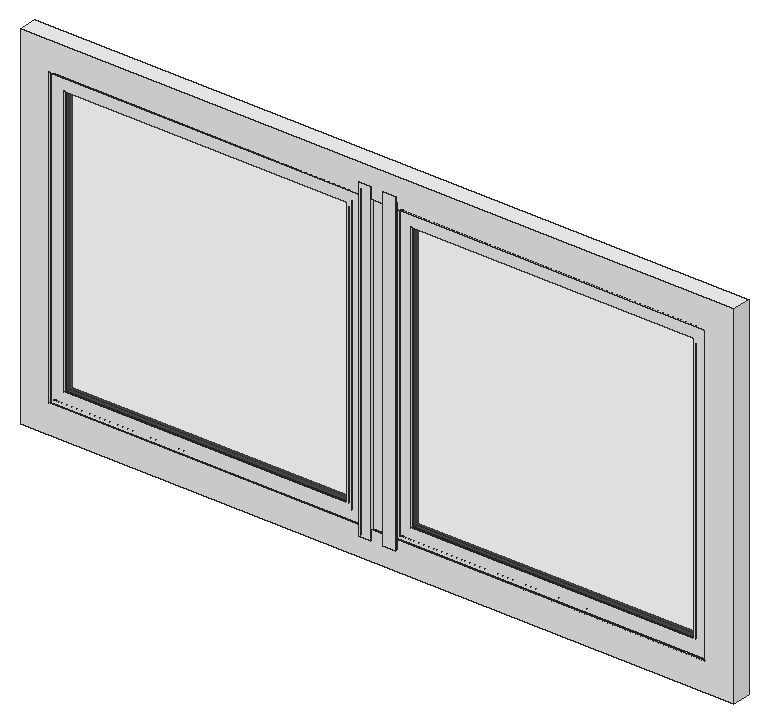
Revit family
Parameters (values of type "TH-PTT1206")
  Height = 590 mm
  Head Height = 2125 mm
  Default Sill Height = Head Height - Height  # 1535 mm
  Wall Closure = (empty or 0)
  Width = 1190 mm
Reference planes
  plane 1 "Center (Front/Back)": y = 0
  plane 2 "Center (Left/Right)": x = 0
  plane 3 "Left": x = -595
  plane 4 "Right": x = 595
  plane 5 "Sill": z = 1535
  plane 6 "Head": z = 2125
  plane 7 "Exterior": y = 100
  plane 8 "Interior": y = -100
  plane 9: y = -30.5
  plane 10: x = 0
Forms (mm)
  Sweep 1, solid, material "Default Frame"
    path origin (0, 100, 0) x (1, 0, 0) y (0, 0, 1)
      loop
        line (595, 2125) -> (-595, 2125) -> (-595, 1535) -> (595, 1535) -> (595, 2125)
    profile origin (0, 100, 2125) x (0, 0, -1) y (0, -1, 0)
      loop
        line (0, 115.25) -> (0, 84.75) -> (30.58, 84.75) -> (30.58, 87.464) -> (28.08, 86.021) -> (28.08, 113.85) -> (39.575, 113.85) -> (39.575, 111.85) -> (46.275, 111.85)
        arc (46.275, 111.85) -> (46.875, 111.25) -> (47.475, 111.85) r 0.6
        line (47.475, 111.85) -> (47.475, 115.25) -> (0, 115.25)
  Extrusion 2, solid, material "Glass"
    sketch origin (0, 0.5, 55.88) x (1, 0, 0) y (0, 0, 1)
      loop
        line (-39.24, 2013.24) -> (-539.12, 2013.24) -> (-539.12, 1534.96) -> (-39.24, 1534.96) -> (-39.24, 2013.24)
    from 0 to 3
  Sweep 3, solid, material "Default Frame"
    path origin (-50, -100, -50) x (1, 0, 0) y (0, 0, -1)
      loop
        line (16.64, -2125) -> (16.64, -1634.96) -> (-495, -1634.96) -> (-495, -2125) -> (16.64, -2125)
    profile origin (-289.18, -100, 2075) x (0, 0, 1) y (0, 1, 0)
      loop
        line (-2.36, 95.735) -> (-1.858, 90.997)
        arc (-1.858, 90.997) -> (-1.541, 90.736) -> (-1.26, 91.035) r 0.3
        line (-1.26, 91.035) -> (-1.26, 117.263) -> (-3.26, 116.536) -> (-3.26, 118.735) -> (-4.719, 118.735) -> (-17.687, 105.637) -> (-17.687, 104.637) -> (-5.88, 104.637) -> (-5.88, 105.637) -> (-2.36, 105.637) -> (-2.36, 95.735)
  Sweep 4, solid, material "Default Frame"
    path origin (-50, -100, -50) x (1, 0, 0) y (0, 0, -1)
      loop
        line (16.6, -2125) -> (16.6, -1635) -> (-495, -1635) -> (-495, -2125) -> (16.6, -2125)
    profile origin (-289.2, -100, 2075) x (0, 0, 1) y (0, 1, 0)
      loop
        line (10.425, 88.75) -> (10.425, 91.464) -> (7.92, 90.018) -> (7.92, 117.85) -> (19.42, 117.85) -> (19.42, 115.85) -> (26.12, 115.85)
        arc (26.12, 115.85) -> (26.72, 115.25) -> (27.32, 115.85) r 0.6
        line (27.32, 115.85) -> (27.32, 119.25) -> (-3.26, 119.25) -> (-3.26, 116.536) -> (-0.76, 117.979) -> (-0.76, 90.15) -> (-12.255, 90.15) -> (-12.255, 92.15) -> (-18.955, 92.15)
        arc (-18.955, 92.15) -> (-19.555, 92.75) -> (-20.155, 92.15) r 0.6
        line (-20.155, 92.15) -> (-20.155, 88.75) -> (10.425, 88.75)
  Sweep 5, solid, material "Rubber seal"
    path origin (-50, -100, -50) x (1, 0, 0) y (0, 0, -1)
      loop
        line (16.64, -2125) -> (16.64, -1634.96) -> (-495, -1634.96) -> (-495, -2125) -> (16.64, -2125)
    profile origin (-289.18, -100, 2075) x (0, 0, 1) y (0, 1, 0)
      loop
        line (-18.698, 104.637) -> (-22.835, 100.5) -> (-12.329, 100.5) -> (-12.329, 104.637) -> (-18.698, 104.637)
      loop
        line (-22.835, 97.5) -> (-19.555, 92.75) -> (-12.329, 92.75) -> (-12.329, 97.5) -> (-22.835, 97.5)
  Sweep 6, solid, material "Default Frame"
    path origin (-2150, 100, 1819.513) x (0, 0, -1) y (1, 0, 0)
      loop
        line (253.933, 2175) -> (-274.907, 2175)
    profile origin (25, 100, 1830) x (-1, 0, 0) y (0, -1, 0)
      loop
        line (-5.9, 115.25) -> (-5.9, 111.85)
        arc (-5.9, 111.85) -> (-5.3, 111.25) -> (-4.7, 111.85) r 0.6
        line (-4.7, 111.85) -> (2, 111.85) -> (2, 113.85) -> (13.5, 113.85) -> (13.5, 86.026) -> (11, 87.47) -> (11, 84.75) -> (39, 84.75) -> (39, 87.47) -> (36.5, 86.026) -> (36.5, 113.85) -> (48, 113.85) -> (48, 111.85) -> (54.7, 111.85)
        arc (54.7, 111.85) -> (55.3, 111.25) -> (55.9, 111.85) r 0.6
        line (55.9, 111.85) -> (55.9, 115.25) -> (34.5, 115.25) -> (34.5, 111.07) -> (15.5, 111.07) -> (15.5, 115.25) -> (-5.9, 115.25)
  Extrusion 7, solid, material "Glass"
    sketch origin (0, 0.5, 49.432) x (-1, 0, 0) y (0, 0, -1)
      loop
        line (-39.24, -2019.688) -> (-39.24, -1541.408) -> (-539.12, -1541.408) -> (-539.12, -2019.688) -> (-39.24, -2019.688)
    from 0 to 3
  Sweep 8, solid, material "Default Frame"
    path origin (50, -100, -50) x (-1, 0, 0) y (0, 0, 1)
      loop
        line (16.64, 2125) -> (-495, 2125) -> (-495, 1634.96) -> (16.64, 1634.96) -> (16.64, 2125)
    profile origin (289.18, -100, 2075) x (0, 0, -1) y (0, 1, 0)
      loop
        line (2.36, 95.735) -> (2.36, 105.637) -> (5.88, 105.637) -> (5.88, 104.637) -> (17.687, 104.637) -> (17.687, 105.637) -> (4.719, 118.735) -> (3.26, 118.735) -> (3.26, 116.536) -> (1.26, 117.263) -> (1.26, 91.035)
        arc (1.26, 91.035) -> (1.541, 90.736) -> (1.858, 90.997) r 0.3
        line (1.858, 90.997) -> (2.36, 95.735)
  Sweep 9, solid, material "Default Frame"
    path origin (50, -100, -50) x (-1, 0, 0) y (0, 0, 1)
      loop
        line (16.6, 2125) -> (-495, 2125) -> (-495, 1635) -> (16.6, 1635) -> (16.6, 2125)
    profile origin (289.2, -100, 2075) x (0, 0, -1) y (0, 1, 0)
      loop
        line (-10.425, 88.75) -> (20.155, 88.75) -> (20.155, 92.15)
        arc (20.155, 92.15) -> (19.555, 92.75) -> (18.955, 92.15) r 0.6
        line (18.955, 92.15) -> (12.255, 92.15) -> (12.255, 90.15) -> (0.76, 90.15) -> (0.76, 117.979) -> (3.26, 116.536) -> (3.26, 119.25) -> (-27.32, 119.25) -> (-27.32, 115.85)
        arc (-27.32, 115.85) -> (-26.72, 115.25) -> (-26.12, 115.85) r 0.6
        line (-26.12, 115.85) -> (-19.42, 115.85) -> (-19.42, 117.85) -> (-7.92, 117.85) -> (-7.92, 90.018) -> (-10.425, 91.464) -> (-10.425, 88.75)
  Sweep 10, solid, material "Rubber seal"
    path origin (50, -100, -50) x (-1, 0, 0) y (0, 0, 1)
      loop
        line (16.64, 2125) -> (-495, 2125) -> (-495, 1634.96) -> (16.64, 1634.96) -> (16.64, 2125)
    profile origin (289.18, -100, 2075) x (0, 0, -1) y (0, 1, 0)
      loop
        line (18.698, 104.637) -> (12.329, 104.637) -> (12.329, 100.5) -> (22.835, 100.5) -> (18.698, 104.637)
      loop
        line (22.835, 97.5) -> (12.329, 97.5) -> (12.329, 92.75) -> (19.555, 92.75) -> (22.835, 97.5)
Lines and regions (mm)
  Opening 1
    outline origin (3500, -100, 0) x (1, 0, 0) y (0, 0, 1)
      loop
        line (-2905, 1535) -> (-2905, 2125) -> (-4095, 2125) -> (-4095, 1535) -> (-2905, 1535)
  symbolic lines, style "Elevation Swing"
    curve 1: line (-6.08, 19.25, 2102.32) -> (-290.31, 19.25, 1559.815)
    curve 2: line (-290.31, 19.25, 1559.815) -> (-572.355, 19.25, 2102.355)
    curve 3: line (7.297, 19.25, 2101.103) -> (286.98, 19.25, 1557.68)
    curve 4: line (286.98, 19.25, 1557.68) -> (572.337, 19.25, 2102.337)
Text (mm)
  text "EXTERIOR" at (-1963.203, 1332.353, 0), in view "Ref. Level"
  text "INTERIOR" at (-1981.466, -818.386, 0), in view "Ref. Level"
  text "Exterior" at (0, 923.751, 2943.296), in view "Right"
  text "Exterior" at (0, 1040.484, 2685.409), in view "Left"
Dimensions and locks
  equal spacing: plane 3 "Left", plane 2 "Center (Left/Right)", plane 4 "Right"
  "Width": plane 3 "Left" to plane 4 "Right"
  "Height": plane 5 "Sill" to plane 6 "Head"
  "Default Sill Height": plane 5 "Sill" to level
  locked: plane 7 "Exterior" to host wall at 0
  locked: plane 8 "Interior" to host wall
  equal spacing: plane 3 "Left", plane 10, plane 4 "Right"
  Sweep 4 sketch curve to Sweep 6 = 19.4 mm
  Sweep 6 to Sweep 9 sketch curve = 19.4 mm
  Sweep 8 sketch curve to Sweep 9 = 3.3 mm
  Sweep 9 to Sweep 8 sketch curve = 3.3 mm
  Sweep 10 sketch curve to Sweep 9 = 3.3 mm
  Sweep 9 to Sweep 10 sketch curve = 3.3 mm
  Sweep 3 sketch curve to Sweep 4 = 3.3 mm
  Sweep 4 to Sweep 3 sketch curve = 3.3 mm
  Sweep 5 sketch curve to Sweep 4 = 3.3 mm
  Sweep 4 to Sweep 5 sketch curve = 3.3 mm
  aligned and locked: curve 4 to Sweep 9
Automatic sketch dimensions
  Opening 1 sketch curve to plane 3 "Left" = 0 mm
  Opening 1 sketch curve to plane 4 "Right" = 0 mm
  Opening 1 sketch curve to plane 5 "Sill" = 0 mm
  Opening 1 sketch curve to plane 6 "Head" = 0 mm
  Sweep 1 sketch curve to plane 3 "Left" = 0 mm
  Sweep 1 sketch curve to plane 4 "Right" = 0 mm
  Sweep 1 sketch curve to plane 5 "Sill" = 0 mm
  Sweep 1 sketch curve to plane 6 "Head" = 0 mm
  Sweep 1 sketch curve to profile plane = 0 mm
  Sweep 1 sketch curve to profile plane = 28.08 mm
  Sweep 1 sketch curve to Sweep 1 sketch curve = 2.5 mm
  Sweep 1 sketch curve to Sweep 1 sketch curve = 11.495 mm
  Sweep 1 sketch curve to Sweep 1 sketch curve = 6.7 mm
  Sweep 1 sketch curve to Sweep 1 sketch curve = 0.6 mm
  profile plane to Sweep 1 sketch curve = 84.75 mm
  Sweep 1 sketch curve to Sweep 1 sketch curve = 1.271 mm
  Sweep 1 sketch curve to Sweep 1 sketch curve = 2.714 mm
  Sweep 1 sketch curve to Sweep 1 sketch curve = 24.386 mm
  Sweep 1 sketch curve to Sweep 1 sketch curve = 2 mm
  Sweep 1 sketch curve to Sweep 1 sketch curve = 3.4 mm
  Extrusion 2 sketch curve to plane 3 "Left" = 55.88 mm
  plane 2 "Center (Left/Right)" to Extrusion 2 sketch curve = 39.24 mm
  Extrusion 2 sketch curve to plane 5 "Sill" = 55.84 mm
  plane 6 "Head" to Extrusion 2 sketch curve = 55.88 mm
  Sweep 3 sketch curve to plane 3 "Left" = 50 mm
  plane 6 "Head" to Sweep 3 sketch curve = 50 mm
  Sweep 4 sketch curve to plane 3 "Left" = 50 mm
  plane 6 "Head" to Sweep 4 sketch curve = 50 mm
  Sweep 4 sketch curve to plane 5 "Sill" = 50 mm
  profile plane to Sweep 4 sketch curve = 20.155 mm
  Sweep 4 sketch curve to Sweep 4 sketch curve = 0.6 mm  (x2)
  Sweep 4 sketch curve to Sweep 4 sketch curve = 6.7 mm  (x2)
  profile plane to Sweep 4 sketch curve = 3.26 mm
  profile plane to Sweep 4 sketch curve = 0.76 mm
  Sweep 4 sketch curve to Sweep 4 sketch curve = 11.5 mm
  profile plane to Sweep 4 sketch curve = 88.75 mm
  Sweep 4 sketch curve to Sweep 4 sketch curve = 1.268 mm
  Sweep 4 sketch curve to Sweep 4 sketch curve = 3.4 mm  (x2)
  Sweep 4 sketch curve to Sweep 4 sketch curve = 26.386 mm
  Sweep 4 sketch curve to Sweep 4 sketch curve = 1.314 mm
  Sweep 4 sketch curve to Sweep 4 sketch curve = 1.443 mm
  Sweep 5 sketch curve to plane 3 "Left" = 50 mm
  plane 6 "Head" to Sweep 5 sketch curve = 50 mm
  Sweep 6 sketch curve to plane 2 "Center (Left/Right)" = 25 mm
  plane 6 "Head" to Sweep 6 sketch curve = 30.58 mm
  Sweep 6 sketch curve to plane 5 "Sill" = 30.58 mm
  plane 4 "Right" to Extrusion 7 sketch curve = 55.88 mm
  Extrusion 7 sketch curve to plane 2 "Center (Left/Right)" = 39.24 mm
  plane 6 "Head" to Extrusion 7 sketch curve = 55.88 mm
  Extrusion 7 sketch curve to plane 5 "Sill" = 55.84 mm
  plane 4 "Right" to Sweep 8 sketch curve = 50 mm
  plane 6 "Head" to Sweep 8 sketch curve = 50 mm
  Sweep 8 sketch curve to profile plane = 1.26 mm
  Sweep 8 sketch curve to Sweep 8 sketch curve = 0.3 mm
  Sweep 8 sketch curve to Sweep 8 sketch curve = 0.298 mm
  Sweep 8 sketch curve to profile plane = 2.36 mm
  Sweep 8 sketch curve to Sweep 8 sketch curve = 2 mm
  Sweep 8 sketch curve to Sweep 8 sketch curve = 1.459 mm
  Sweep 8 sketch curve to Sweep 8 sketch curve = 3.52 mm
  Sweep 8 sketch curve to Sweep 8 sketch curve = 11.806 mm
  profile plane to Sweep 8 sketch curve = 90.997 mm
  Sweep 8 sketch curve to Sweep 8 sketch curve = 4.738 mm
  Sweep 8 sketch curve to Sweep 8 sketch curve = 8.902 mm
  Sweep 8 sketch curve to Sweep 8 sketch curve = 1 mm  (x2)
  Sweep 8 sketch curve to Sweep 8 sketch curve = 10.899 mm
  Sweep 8 sketch curve to Sweep 8 sketch curve = 0.728 mm
  Sweep 8 sketch curve to Sweep 8 sketch curve = 2.2 mm
  plane 4 "Right" to Sweep 9 sketch curve = 50 mm
  Sweep 9 sketch curve to plane 5 "Sill" = 50 mm
  plane 6 "Head" to Sweep 9 sketch curve = 50 mm
  profile plane to Sweep 9 sketch curve = 27.32 mm
  Sweep 9 sketch curve to Sweep 9 sketch curve = 0.6 mm  (x2)
  Sweep 9 sketch curve to Sweep 9 sketch curve = 6.7 mm  (x2)
  profile plane to Sweep 9 sketch curve = 10.425 mm
  Sweep 9 sketch curve to Sweep 9 sketch curve = 2.505 mm
  Sweep 9 sketch curve to profile plane = 0.76 mm
  Sweep 9 sketch curve to Sweep 9 sketch curve = 2.5 mm
  Sweep 9 sketch curve to Sweep 9 sketch curve = 11.495 mm
  profile plane to Sweep 9 sketch curve = 88.75 mm
  Sweep 9 sketch curve to Sweep 9 sketch curve = 1.268 mm
  Sweep 9 sketch curve to Sweep 9 sketch curve = 1.4 mm
  Sweep 9 sketch curve to Sweep 9 sketch curve = 2.714 mm  (x2)
  Sweep 9 sketch curve to Sweep 9 sketch curve = 3.4 mm
  Sweep 9 sketch curve to Sweep 9 sketch curve = 24.386 mm
  Sweep 9 sketch curve to Sweep 9 sketch curve = 0.686 mm
  Sweep 9 sketch curve to Sweep 9 sketch curve = 2 mm
  Sweep 9 sketch curve to Sweep 9 sketch curve = 1.443 mm
  plane 4 "Right" to Sweep 10 sketch curve = 50 mm
  plane 6 "Head" to Sweep 10 sketch curve = 50 mm
  Sweep 10 sketch curve to profile plane = 12.329 mm
  Sweep 10 sketch curve to Sweep 10 sketch curve = 0 mm  (x2)
  Sweep 10 sketch curve to Sweep 10 sketch curve = 6.37 mm
  Sweep 10 sketch curve to Sweep 10 sketch curve = 7.226 mm
  Sweep 10 sketch curve to Sweep 10 sketch curve = 4.137 mm  (x2)
  profile plane to Sweep 10 sketch curve = 92.75 mm
  Sweep 10 sketch curve to Sweep 10 sketch curve = 4.75 mm
  Sweep 10 sketch curve to Sweep 10 sketch curve = 3 mm
  Sweep 4 sketch curve to profile plane = 7.92 mm
  Sweep 4 sketch curve to Sweep 4 sketch curve = 2 mm
  Sweep 4 sketch curve to Sweep 4 sketch curve = 2.505 mm
  Sweep 4 sketch curve to Sweep 4 sketch curve = 1.446 mm
  Sweep 4 sketch curve to Sweep 4 sketch curve = 0.132 mm
  profile plane to Sweep 3 sketch curve = 5.88 mm
  profile plane to Sweep 3 sketch curve = 4.719 mm
  Sweep 3 sketch curve to Sweep 3 sketch curve = 1.459 mm
  profile plane to Sweep 3 sketch curve = 2.36 mm
  profile plane to Sweep 3 sketch curve = 1.858 mm
  Sweep 3 sketch curve to Sweep 3 sketch curve = 0.298 mm
  Sweep 3 sketch curve to Sweep 3 sketch curve = 0.3 mm
  profile plane to Sweep 3 sketch curve = 90.997 mm
  Sweep 3 sketch curve to Sweep 3 sketch curve = 4.738 mm
  Sweep 3 sketch curve to Sweep 3 sketch curve = 8.902 mm
  Sweep 3 sketch curve to Sweep 3 sketch curve = 1 mm  (x2)
  Sweep 3 sketch curve to Sweep 3 sketch curve = 10.899 mm
  Sweep 3 sketch curve to Sweep 3 sketch curve = 0.728 mm
  Sweep 3 sketch curve to Sweep 3 sketch curve = 2.2 mm
  Sweep 3 sketch curve to Sweep 3 sketch curve = 11.806 mm
  profile plane to Sweep 5 sketch curve = 22.835 mm
  Sweep 5 sketch curve to Sweep 5 sketch curve = 0 mm
  Sweep 5 sketch curve to Sweep 5 sketch curve = 3.28 mm
  Sweep 5 sketch curve to Sweep 5 sketch curve = 4.137 mm  (x2)
  Sweep 5 sketch curve to Sweep 5 sketch curve = 6.37 mm
  Sweep 5 sketch curve to Sweep 5 sketch curve = 7.226 mm
  profile plane to Sweep 5 sketch curve = 92.75 mm
  Sweep 5 sketch curve to Sweep 5 sketch curve = 4.75 mm
  Sweep 5 sketch curve to Sweep 5 sketch curve = 3 mm
  profile plane to Sweep 6 sketch curve = 5.9 mm
  Sweep 6 sketch curve to Sweep 6 sketch curve = 0.6 mm  (x2)
  Sweep 6 sketch curve to profile plane = 2 mm
  Sweep 6 sketch curve to profile plane = 11 mm
  Sweep 6 sketch curve to Sweep 6 sketch curve = 2 mm  (x3)
  Sweep 6 sketch curve to Sweep 6 sketch curve = 19 mm
  Sweep 6 sketch curve to Sweep 6 sketch curve = 2.5 mm  (x2)
  Sweep 6 sketch curve to Sweep 6 sketch curve = 6.7 mm
  profile plane to Sweep 6 sketch curve = 84.75 mm
  Sweep 6 sketch curve to Sweep 6 sketch curve = 1.276 mm  (x2)
  Sweep 6 sketch curve to Sweep 6 sketch curve = 2.72 mm  (x2)
  Sweep 6 sketch curve to Sweep 6 sketch curve = 0.78 mm  (x2)
  Sweep 6 sketch curve to Sweep 6 sketch curve = 1.4 mm  (x2)
  Sweep 6 sketch curve to Sweep 6 sketch curve = 3.4 mm
  Sweep 6 sketch curve to Sweep 6 sketch curve = 26.38 mm
  Sweep 6 sketch curve to Sweep 6 sketch curve = 11.5 mm
  curve 1 to Sweep 4 = 0 mm  (x2)
  Sweep 4 to curve 2 = 2.135 mm
  curve 3 to Sweep 4 = 1.217 mm
  curve 3 to Sweep 4 = 13.377 mm
  curve 4 to Sweep 4 = 293.06 mm
  Sweep 4 to curve 4 = 0.017 mm
  curve 4 to curve 3 = 565.04 mm
  curve 2 to Sweep 4 = 253.65 mm
  curve 2 to Sweep 4 = 0.035 mm
  Sweep 4 to curve 2 = 0.035 mm
